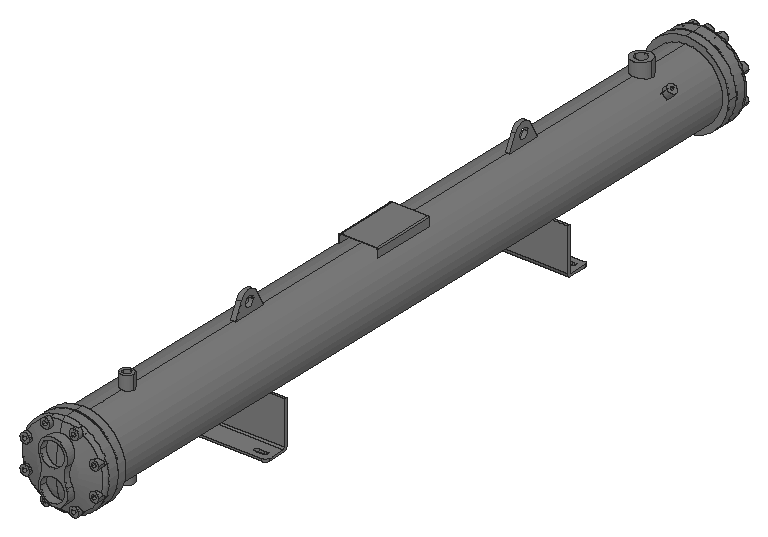
Revit family "MIT-BC_180_4P", category Specialty Equipment, Revit 2022
Family settings
  Round Connector Dimension = Use Radius
  Part Type = Normal
  Work Plane-Based = No
  Always vertical = Yes
  Cut with Voids When Loaded = No
  Maintain Annotation Orientation = No
  Shared = No
  Room Calculation Point = No
Parameters
  URL = "https://en.ekinendustriyel.com/evaporators-and-condensers"
  Test Pressure = 64.35 bar
  Production Standard = "TS EN 13831"
  Operating Pressure = 45.0 bar
  Model = "MIT-BC 165_4P"
  Manufacturer = "Ekin Endüstriyel"
  Keynote = "Condensers"
  Description = "MIT- Condensers"
  Default Elevation = 0 mm
Reference planes
  plane 1 "Center (Front/Back)": y = 0
  plane 2: z = 0
  plane 3 "Center (Left/Right)": x = 0
Forms (mm)
  Extrusion 1, solid, material "Ekin Endustriyel-S235JR", detail levels medium+fine
    sketch origin (0, 0, 0) x (1, 0, 0) y (0, 0, 1)
      loop
        circle (0, 164.15) r 84.15
    from -880 to 880
  Extrusion 2, solid, material "Ekin Endustriyel-S235JR", detail levels fine
    sketch origin (0, 0, 0) x (1, 0, 0) y (0, 0, 1)
      loop
        line (-45, 235.88) -> (-44, 235.88) -> (-44, 252.88)
        arc (-44, 252.88) -> (-43.414, 254.294) -> (-42, 254.88) r 2
        line (-42, 254.88) -> (42, 254.88)
        arc (42, 254.88) -> (43.414, 254.294) -> (44, 252.88) r 2
        line (44, 252.88) -> (44, 235.88) -> (45, 235.88) -> (45, 252.88)
        arc (45, 252.88) -> (44.121, 255.002) -> (42, 255.88) r 3
        line (42, 255.88) -> (-42, 255.88)
        arc (-42, 255.88) -> (-44.121, 255.002) -> (-45, 252.88) r 3
        line (-45, 252.88) -> (-45, 235.88)
    from -75 to 75
  Extrusion 3, solid, material "Ekin Endustriyel-S235JR", detail levels fine
    sketch origin (0, 500.19, 0) x (1, 0, 0) y (0, 1, 0)
      loop
        circle (0, 249.81) r 23.75
      loop
        circle (0, 249.81) r 14.25
    from 278.3 to 204.31
  Extrusion 4, solid, material "Ekin Endustriyel-S235JR", detail levels fine
    sketch origin (0, -499.666, 0) x (1, 0, 0) y (0, 1, 0)
      loop
        circle (0.015, -250.334) r 15.25
      loop
        circle (0.015, -250.334) r 8.928
    from 278.3 to 211.07
  Extrusion 5, solid, material "Ekin Endustriyel-S235JR", detail levels fine
    sketch origin (71.72, 749.856, 235.87) x (0, 1, 0) y (-0.707107, 0, 0.707107)
      loop
        circle (0, 0) r 11
      loop
        circle (0, 0) r 4.216
    from 0 to -32.02
  Extrusion 6, solid, material "Ekin Endustriyel-S235JR", detail levels fine
    sketch origin (0, -500.291, 0) x (1, 0, 0) y (0, 1, 0)
      loop
        circle (0.015, -249.709) r 16.75
      loop
        circle (0.015, -249.709) r 13.335
    from 51.131 to 169.15
  Extrusion 7, solid, material "Ekin Endustriyel-S235JR", detail levels medium+fine
    sketch origin (0, -549.666, 0) x (1, 0, 0) y (0, 0, 1)
      loop
        circle (0, 164.15) r 100
    from 330.334 to 350.334
  Extrusion 8, solid, material "Ekin Endustriyel-S235JR", detail levels medium+fine
    sketch origin (0, 1180.334, 0) x (1, 0, 0) y (0, 0, 1)
      loop
        circle (0, 164.15) r 100
    from 280.334 to 300.334
  Revolve 9, solid, material "Ekin Endustriyel-S235JR", detail levels medium+fine
    sketch origin (0, -549.666, 0) x (0, 1, 0) y (0, 0, 1)
      loop
        line (-352.334, 264.15) -> (-377.299, 264.15)
        arc (-377.299, 264.15) -> (-382.802, 262.5) -> (-386.489, 258.094) r 10
        arc (-386.489, 258.094) -> (-401.262, 212.101) -> (-407.122, 164.15) r 255.705
        line (-407.122, 164.15) -> (-352.334, 164.15) -> (-352.334, 264.15)
      axis (-352.334, 164.15) -> (-407.122, 164.15)
    angle from 0 to 360
  Extrusion 10, solid, material "Ekin Endustriyel-S235JR", detail levels medium+fine
    sketch origin (0, 549.666, 0) x (1, 0, 0) y (0, 0, -1)
      loop
        circle (0, -164.15) r 100
    from 330.334 to 350.334
  Revolve 11, solid, material "Ekin Endustriyel-S235JR", detail levels medium+fine
    sketch origin (0, 549.666, 0) x (0, -1, 0) y (0, 0, -1)
      loop
        line (-352.334, -264.15) -> (-352.334, -164.15) -> (-407.122, -164.15)
        arc (-407.122, -164.15) -> (-401.262, -212.101) -> (-386.489, -258.094) r 255.705
        arc (-386.489, -258.094) -> (-382.802, -262.5) -> (-377.299, -264.15) r 10
        line (-377.299, -264.15) -> (-352.334, -264.15)
      axis (-352.334, -164.15) -> (-407.122, -164.15)
    angle from 0 to 360
  Extrusion 12, solid, material "Ekin Endustriyel-S235JR", detail levels coarse
    sketch origin (0, 0, 0) x (1, 0, 0) y (0, 0, 1)
      loop
        circle (0, 164.159) r 99.991
    from -957 to 966.924
  Extrusion 13, solid, material "Ekin Endustriyel-S235JR"
    sketch origin (0, 275.334, 0) x (0, 1, 0) y (0, 0, 1)
      loop
        arc (134.666, 9) -> (137.302, 2.636) -> (143.666, 0) r 9
        line (143.666, 0) -> (194.666, 0) -> (194.666, 5) -> (143.666, 5)
        arc (143.666, 5) -> (140.837, 6.172) -> (139.666, 9) r 4
        line (139.666, 9) -> (139.666, 110) -> (134.666, 110) -> (134.666, 9)
    from -100 to 100
  Extrusion 14, void
    sketch origin (0, 470, 5) x (0, -1, 0) y (1, 0, 0)
      loop
        line (25.25, 63.5) -> (25.25, 83.5)
        arc (25.25, 83.5) -> (20, 88.75) -> (14.75, 83.5) r 5.25
        line (14.75, 83.5) -> (14.75, 63.5)
        arc (14.75, 63.5) -> (20, 58.25) -> (25.25, 63.5) r 5.25
      loop
        line (10, 100) -> (-10, 100) -> (-10, -100) -> (10, -100)
        arc (10, -100) -> (2.929, -97.071) -> (0, -90) r 10
        line (0, -90) -> (0, 90)
        arc (0, 90) -> (2.929, 97.071) -> (10, 100) r 10
      loop
        arc (14.75, -83.5) -> (20, -88.75) -> (25.25, -83.5) r 5.25
        line (25.25, -83.5) -> (25.25, -63.5)
        arc (25.25, -63.5) -> (20, -58.25) -> (14.75, -63.5) r 5.25
        line (14.75, -63.5) -> (14.75, -83.5)
    from -5 to 0
  Extrusion 15, solid, material "Ekin Endustriyel-S235JR"
    sketch origin (0, -275.334, 0) x (0, -1, 0) y (0, 0, -1)
      loop
        line (134.666, -9) -> (134.666, -110) -> (139.666, -110) -> (139.666, -9)
        arc (139.666, -9) -> (140.837, -6.172) -> (143.666, -5) r 4
        line (143.666, -5) -> (194.666, -5) -> (194.666, 0) -> (143.666, 0)
        arc (143.666, 0) -> (137.302, -2.636) -> (134.666, -9) r 9
    from -100 to 100
  Extrusion 16, void
    sketch origin (0, -470, 5) x (0, 1, 0) y (-1, 0, 0)
      loop
        arc (25.25, -63.5) -> (20, -58.25) -> (14.75, -63.5) r 5.25
        line (14.75, -63.5) -> (14.75, -83.5)
        arc (14.75, -83.5) -> (20, -88.75) -> (25.25, -83.5) r 5.25
        line (25.25, -83.5) -> (25.25, -63.5)
      loop
        arc (10, -100) -> (2.929, -97.071) -> (0, -90) r 10
        line (0, -90) -> (0, 90)
        arc (0, 90) -> (2.929, 97.071) -> (10, 100) r 10
        line (10, 100) -> (-10, 100) -> (-10, -100) -> (10, -100)
      loop
        line (14.75, 83.5) -> (14.75, 63.5)
        arc (14.75, 63.5) -> (20, 58.25) -> (25.25, 63.5) r 5.25
        line (25.25, 63.5) -> (25.25, 83.5)
        arc (25.25, 83.5) -> (20, 88.75) -> (14.75, 83.5) r 5.25
    from -5 to 0
  Extrusion 17, solid, material "Ekin Endustriyel-S235JR", detail levels medium+fine
    sketch origin (40, -549.666, 0) x (1, 0, 0) y (0, 0, 1)
      loop
        circle (-40, 201.65) r 28.5
      loop
        circle (-40, 126.65) r 28.5
      loop
        arc (-8.128, 185.875) -> (-37.187, 236.112) -> (-70.839, 188.829) r 34.5
        arc (-70.839, 188.829) -> (-65.102, 164.15) -> (-70.839, 139.471) r 55.945
        arc (-70.839, 139.471) -> (-38.81, 92.15) -> (-6.781, 139.471) r 34.5
        arc (-6.781, 139.471) -> (-12.495, 162.527) -> (-8.128, 185.875) r 55.945
    from 390.526 to 417.259
  Extrusion 18, solid, material "Ekin Endustriyel-S235JR", detail levels medium+fine
    sketch origin (0, 550.334, 0) x (1, 0, 0) y (0, 0, 1)
      loop
        circle (-80.837, 197.64) r 11
      loop
        circle (-80.837, 197.64) r 5.497
      loop
        circle (-80.837, 130.66) r 11
      loop
        circle (-80.837, 130.66) r 5.497
      loop
        circle (80.837, 197.64) r 11
      loop
        circle (80.837, 197.64) r 5.497
      loop
        circle (80.837, 130.66) r 11
      loop
        circle (80.837, 130.66) r 5.497
      loop
        circle (33.49, 244.987) r 11
      loop
        circle (33.49, 244.987) r 5.497
      loop
        circle (-33.49, 244.987) r 11
      loop
        circle (-33.49, 244.987) r 5.497
      loop
        circle (33.49, 83.313) r 11
      loop
        circle (33.49, 83.313) r 5.497
      loop
        circle (-33.49, 83.313) r 11
      loop
        circle (-33.49, 83.313) r 5.497
      loop
        circle (0, 246.649) r 12.497
      loop
        circle (0, 246.649) r 5.497
      loop
        circle (0, 81.651) r 12.497
      loop
        circle (0, 81.651) r 5.497
    from -396.666 to -367.889
  Extrusion 19, solid, material "Ekin Endustriyel-S235JR", detail levels medium+fine
    sketch origin (0, -549.666, 0) x (1, 0, 0) y (0, 0, -1)
      loop
        circle (-80.837, -197.64) r 11
      loop
        circle (-80.837, -197.64) r 5.497
      loop
        circle (-80.837, -130.66) r 11
      loop
        circle (-80.837, -130.66) r 5.497
      loop
        circle (80.837, -197.64) r 11
      loop
        circle (80.837, -197.64) r 5.497
      loop
        circle (80.837, -130.66) r 11
      loop
        circle (80.837, -130.66) r 5.497
      loop
        circle (33.49, -244.987) r 11
      loop
        circle (33.49, -244.987) r 5.497
      loop
        circle (-33.49, -244.987) r 11
      loop
        circle (-33.49, -244.987) r 5.497
      loop
        circle (33.49, -83.313) r 11
      loop
        circle (33.49, -83.313) r 5.497
      loop
        circle (-33.49, -83.313) r 11
      loop
        circle (-33.49, -83.313) r 5.497
    from -396.666 to -367.889
  Extrusion 20, solid, material "Ekin Endustriyel-S235JR", detail levels medium+fine
    sketch origin (0, 550.334, 0) x (1, 0, 0) y (0, 0, 1)
      loop
        circle (-35.355, 199.505) r 22
      loop
        circle (35.355, 128.795) r 22
    from -406.666 to -351.666
  Extrusion 21, solid, material "Ekin Endustriyel-S235JR", detail levels fine
    sketch origin (0, -0.334, 0) x (0, -1, 0) y (0, 0, -1)
      loop
        line (-440.334, -248.151) -> (-422.806, -284.106)
        arc (-422.806, -284.106) -> (-400.334, -298.151) -> (-377.863, -284.106) r 25
        line (-377.863, -284.106) -> (-360.334, -248.151) -> (-440.334, -248.151)
      loop
        circle (-400.334, -273.151) r 12.5
      loop
        line (439.666, -248.151) -> (359.666, -248.151) -> (377.194, -284.106)
        arc (377.194, -284.106) -> (399.666, -298.151) -> (422.137, -284.106) r 25
        line (422.137, -284.106) -> (439.666, -248.151)
      loop
        circle (399.666, -273.151) r 12.5
    from -5 to 5
Cuts and joins
  Extrusion 14, Extrusion 16 cuts Extrusion 13
  Extrusion 16 cuts Extrusion 15
Dimensions and locks
  aligned and locked: level to plane 2
Connectors
  piping at (0, -966.924, 201.65), diameter 50.8
    settings: on Extrusion 17, index 1, connector inside diameter 609.6 mm, connector length 0 mm, flow factor 0, pipe flow 0.0 L/s, pressure drop 0.0 Pa, fitting loss kfactor 0, connector angle 0.00°, fixture units 0, engagement length 0 mm, angle of deflection 0.00°, flow configuration 0, flow direction 1, fitting loss method 0, system type 7, joint type 0, gender type 0, connector reference index -1, connector utility 0, adjustable connector no, is connector primary yes, connector description ""
  piping at (0, -966.924, 126.65), diameter 50.8
    settings: on Extrusion 17, index 2, connector inside diameter 609.6 mm, connector length 0 mm, flow factor 0, pipe flow 0.0 L/s, pressure drop 0.0 Pa, fitting loss kfactor 0, connector angle 0.00°, fixture units 0, engagement length 0 mm, angle of deflection 0.00°, flow configuration 0, flow direction 2, fitting loss method 0, system type 7, joint type 0, gender type 0, connector reference index -1, connector utility 0, adjustable connector no, is connector primary no, connector description ""
  hvac at (0, 750, 278.3)
    settings: on Extrusion 3, index 3, duct flow 0.0 L/s, flow factor 0, pres drop 0.0 bar, loss coef 0, conn angle 0.00°, conn width 304.8 mm, conn height 304.8 mm, conn diameter 42 mm, duct sys type 3, conn prof type 0, flow config 0, flow direction 0, loss method 0, conn ref index -1, conn util no, is conn primary yes, conn desc ""
  hvac at (0.015, -750, 51.131)
    settings: on Extrusion 6, index 4, duct flow 0.0 L/s, flow factor 0, pres drop 0.0 bar, loss coef 0, conn angle 0.00°, conn width 304.8 mm, conn height 304.8 mm, conn diameter 35 mm, duct sys type 3, conn prof type 0, flow config 0, flow direction 0, loss method 0, conn ref index -1, conn util no, is conn primary no, conn desc ""
